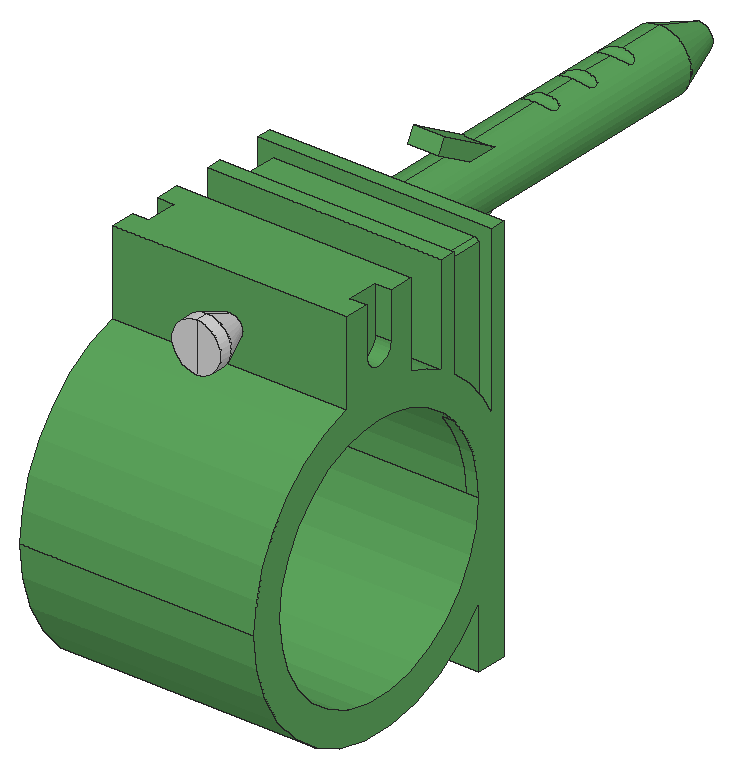
Revit family "Aquatherm_Пластмассовый_крепежный_хомут", category Соединительные детали трубопроводов, Revit 2019
Family settings
  Размер круглого соединителя = Использовать диаметр
  Тип детали = Соединение
  На основе рабочей плоскости = Нет
  Всегда вертикально = Да
  При загрузке вырезать с полостями = Нет
  Общий = Нет
Parameters
  Материал_Крепление = AquaTherm металл pipe
  Материал_Корпус = AquaTherm green pipe
  l [instance] = 27 mm
  h [instance] = D / 2 + 7 mm  # 15 mm
  d [instance] = D + 4 mm  # 20 mm
  URL = "www.agpipe.ru"
  L [instance] = 15 mm
  D [instance] = 16 mm
  ADSK_Примечание = ""
  ADSK_Позиция [instance] = ""
  ADSK_Обозначение = ""
  ADSK_Наименование [instance] = size_lookup("Пластмассовый крепежный хомут", "ADSK_Наименование", "Нет в каталоге", D)  # "Пластмассовый крепежный хомут DN16"
  ADSK_Масса_Текст = ""
  ADSK_Код изделия [instance] = size_lookup("Пластмассовый крепежный хомут", "ADSK_Код изделия", "Нет в каталоге", D)  # "60616"
  ADSK_Завод-изготовитель = "Aquatherm"  # constant formula
  ADSK_Единица измерения = "шт."  # constant formula
Reference planes
  plane 1 "По центру (Вперед/Назад)": y = 0
  plane 2: z = 0
  plane 3 "По центру (Влево/Вправо)": x = 0
  plane 4: x = -7.5
  plane 5: x = 7.5
  plane 6: y = -8
  plane 7: y = 8
  plane 8: y = -10
  plane 9: y = 10
  plane 10: z = 10
  plane 11: z = -10
  plane 12: z = 15
  plane 13: z = 11.826
  plane 14: y = 10
Forms (mm)
  Extrusion 1, solid, material "AquaTherm green pipe" <- "Материал_Корпус"
    sketch origin (0, 0, 0) x (0, 1, 0) y (0, 0, 1)
      loop
        circle (0, 0) r 10
      loop
        circle (0, 0) r 8
    from -7.5 to 7.5
  Extrusion 2, solid, material "AquaTherm green pipe" <- "Материал_Корпус"
    sketch origin (0, 0, 0) x (0, 1, 0) y (0, 0, 1)
      loop
        line (-2.571, 0) -> (2.571, 0) -> (2.571, 15) -> (-2.571, 15) -> (-2.571, 0)
      loop
        line (10, -10) -> (10, 15) -> (5, 15) -> (5, 0) -> (8, 0) -> (8, -10) -> (10, -10)
    from -7.5 to 7.5
  Extrusion 3, void
    sketch origin (0, 0, 0) x (0, 1, 0) y (0, 0, 1)
      loop
        circle (0, 0) r 8
    from -7.5 to 7.5
  Sweep 4, void
    path origin (4267.2, 8, 32.335) x (0, 0, 1) y (1, 0, 0)
      loop
        line (-32.335, -4274.7) -> (-18.045, -4274.7) -> (-17.335, -4273.99) -> (-17.335, -4260.41) -> (-18.045, -4259.7) -> (-32.335, -4259.7)
    profile origin (-7.5, 8, 7.145) x (1, 0, 0) y (0, 1, 0)
      loop
        line (-1.183, 1) -> (-1.183, -2) -> (0.8, -2) -> (0.8, 1) -> (-1.183, 1)
  Extrusion 5, void
    sketch origin (0, 0, 0) x (0, 1, 0) y (0, 0, 1)
      loop
        line (-1, 15) -> (-1, 12.074)
        arc (-1, 12.074) -> (0, 11.074) -> (1, 12.074) r 1
        line (1, 12.074) -> (1, 15) -> (-1, 15)
    from 6.458 to 7.5
  Extrusion 6, void
    sketch origin (0, 0, 0) x (0, 1, 0) y (0, 0, -1)
      loop
        line (-1, -15) -> (1, -15) -> (1, -12.074)
        arc (1, -12.074) -> (0, -11.074) -> (-1, -12.074) r 1
        line (-1, -12.074) -> (-1, -15)
    from 6.458 to 7.5
  Revolve 7, solid, material "AquaTherm металл pipe" <- "Материал_Крепление"
    sketch origin (0, 0, 0) x (0, 1, 0) y (0, 0, 1)
      loop
        line (-5.246, 11.826) -> (5, 11.826) -> (5, 12.624) -> (-2.571, 12.624) -> (-4.42, 13.389) -> (-5.246, 13.389) -> (-5.246, 11.826)
      axis (-5.246, 11.826) -> (5, 11.826)
    angle from 0 to 360
Cuts and joins
  Extrusion 3, Extrusion 5, Extrusion 6 cuts Extrusion 1
  Extrusion 3, Sweep 4, Extrusion 5, Extrusion 6 cuts Extrusion 2
  joined: Extrusion 1, Extrusion 2
Lines and regions (mm)
  reference lines
    curve 1: line (-0.798, 0, 0) -> (0.798, 0, 0)
Dimensions and locks
  equal spacing: plane 4, plane 3 "По центру (Влево/Вправо)", plane 5
  "L": plane 4 to plane 5
  equal spacing: plane 6, plane 1 "По центру (Вперед/Назад)", plane 7
  "D": plane 6 to plane 7
  equal spacing: Extrusion 2 sketch curve, plane 1 "По центру (Вперед/Назад)", Extrusion 2 sketch curve
  locked: Extrusion 2 sketch curve to Extrusion 2 sketch curve at 5.143
  equal spacing: plane 8, plane 1 "По центру (Вперед/Назад)", plane 9
  "d": plane 8 to plane 9
  equal spacing: plane 10, level, plane 11
  "d": plane 10 to plane 11
  locked: Extrusion 2 sketch curve to plane 9 at 5
  locked: Sweep 4 sketch curve to Sweep 4 sketch curve at 0.71  (x2)
  locked: Sweep 4 sketch curve to plane 4 at 0.71
  locked: plane 5 to Sweep 4 sketch curve at 0.71
  locked: profile plane to Sweep 4 sketch curve at 0.8
  locked: cut or joined group of Extrusion 1, Extrusion 2, Extrusion 3, Sweep 4, Extrusion 5, Extrusion 6 to Sweep 4 sketch curve at 1  (x2)
  locked: Sweep 4 sketch curve to profile plane at 1.183
  locked: cut or joined group of Extrusion 1, Extrusion 2, Extrusion 3, Sweep 4, Extrusion 5, Extrusion 6 to plane 5 at 1.042
  locked: plane 4 to cut or joined group of Extrusion 1, Extrusion 2, Extrusion 3, Sweep 4, Extrusion 5, Extrusion 6 at 1.042
  Extrusion 6 sketch curve to plane 1 "По центру (Вперед/Назад)" = 1 mm
  locked: Extrusion 6 sketch curve to Extrusion 6 sketch curve at 2
  "h": plane 12 to level
  locked: plane 12 to plane 13 at 3.174
  locked: plane 13 to Revolve 7 sketch curve at 0.798
  locked: Revolve 7 sketch curve to cut or joined group of Extrusion 1, Extrusion 2, Extrusion 3, Sweep 4, Extrusion 5, Extrusion 6 at 2.674
  locked: Revolve 7 sketch curve to Revolve 7 sketch curve at 0.826
  locked: plane 7 to plane 14 at 2
  locked: plane 12 to Extrusion 5 sketch curve at 2.926
  locked: plane 12 to Extrusion 6 sketch curve at 2.926
  locked: plane 12 to nested 1 at 3
  "D": diameter of Extrusion 1 sketch curve
  "d": diameter of Extrusion 1 sketch curve
  "D": diameter of Extrusion 3 sketch curve
  aligned and locked: level to plane 2
  aligned and locked: Extrusion 2 sketch curve to level  (x2)
  aligned and locked: plane 9 to Extrusion 2 sketch curve
  aligned and locked: plane 11 to Extrusion 2 sketch curve
  aligned and locked: Extrusion 2 sketch curve to Extrusion 2 sketch curve
  aligned and locked: plane 7 to Extrusion 2 sketch curve
  aligned and locked: Extrusion 2 to plane 4
  aligned and locked: Extrusion 1 to plane 4
  aligned and locked: plane 5 to Extrusion 2
  aligned and locked: plane 5 to Extrusion 1
  aligned and locked: Extrusion 3 to plane 4
  aligned and locked: plane 5 to Extrusion 3
  aligned and locked: plane 4 to Sweep 4 sketch curve
  aligned and locked: Sweep 4 sketch curve to plane 5
  aligned and locked: plane 5 to Extrusion 5
  aligned and locked: Extrusion 6 to plane 4
  aligned and locked: Extrusion 2 sketch curve to plane 12
  aligned and locked: plane 13 to Revolve 7 sketch curve
  aligned and locked: Extrusion 5 sketch curve to plane 12
  aligned and locked: Extrusion 6 sketch curve to plane 12
  aligned and locked: nested 1 to cut or joined group of Extrusion 1, Extrusion 2, Extrusion 3, Sweep 4, Extrusion 5, Extrusion 6
  aligned and locked: plane 1 "По центру (Вперед/Назад)" to curve 1
Automatic sketch dimensions
  Sweep 4 sketch curve to level = 0 mm  (x2)
  Sweep 4 sketch curve to plane 12 = 0 mm
  plane 13 to Revolve 7 sketch curve = 0 mm
  Revolve 7 sketch curve to Revolve 7 sketch curve = 1.848 mm
  Revolve 7 sketch curve to plane 7 = 3 mm
  Revolve 7 sketch curve to plane 13 = 1.563 mm
  Revolve 7 sketch curve to Revolve 7 sketch curve = 1.005 mm
  Revolve 7 sketch curve to plane 1 "По центру (Вперед/Назад)" = 3.242 mm
  Extrusion 5 sketch curve to plane 1 "По центру (Вперед/Назад)" = 0 mm
  plane 1 "По центру (Вперед/Назад)" to Extrusion 5 sketch curve = 1 mm
  Extrusion 6 sketch curve to plane 1 "По центру (Вперед/Назад)" = 0 mm
  curve 1 to plane 5 = 8.298 mm
  curve 1 to curve 1 = 1.597 mm
  Extrusion 1 sketch curve to Extrusion 1 sketch curve = 0 mm  (x2)
  Extrusion 1 sketch curve to level = 0 mm
  Extrusion 1 sketch curve to plane 1 "По центру (Вперед/Назад)" = 0 mm
  Extrusion 3 sketch curve to level = 0 mm
  Extrusion 3 sketch curve to plane 1 "По центру (Вперед/Назад)" = 0 mm
Nested families
  nested 1: "Семейство1" at (0, 10, 12), Материал_Корпус <- "Материал_Корпус", type "Семейство1"
    with Материал_Корпус AquaTherm green pipe
Connectors
  piping at (-0.798, 0, 0), diameter 16, driven by "D"
    settings: on curve 1, index 1, connector inside diameter 609.6 mm, connector length 0 mm, flow factor 0, pipe flow 0.0 L/s, pressure drop 0.0 Pa, fitting loss kfactor 0, connector angle 0.00°, fixture units 0, engagement length 0 mm, angle of deflection 0.00°, flow configuration 0, flow direction 0, fitting loss method 0, system type 28, joint type 0, gender type 0, connector reference index 2, connector utility 0, adjustable connector no, is connector primary yes, connector description ""
  piping at (0.798, 0, 0), diameter 16, driven by "D"
    settings: on curve 1, index 2, connector inside diameter 609.6 mm, connector length 0 mm, flow factor 0, pipe flow 0.0 L/s, pressure drop 0.0 Pa, fitting loss kfactor 0, connector angle 0.00°, fixture units 0, engagement length 0 mm, angle of deflection 0.00°, flow configuration 0, flow direction 0, fitting loss method 0, system type 28, joint type 0, gender type 0, connector reference index 1, connector utility 0, adjustable connector no, is connector primary no, connector description ""
Definition of nested family "Семейство1"
  Parameters
    Материал_Корпус [instance] = none
  Reference planes
    plane 1 "По центру (Вперед/Назад)": y = 0
    plane 2: z = 0
    plane 3 "По центру (Влево/Вправо)": x = 0
    plane 4: z = 0
  Forms (mm)
    Revolve 1, solid, material <- "Материал_Корпус"
      sketch origin (0, 0, 0) x (0, 1, 0) y (0, 0, 1)
        loop
          line (0, 0) -> (25, 0) -> (25, 0.87) -> (21.896, 2) -> (0, 2) -> (0, 0)
        axis (0, 0) -> (25, 0)
      angle from 0 to 360
    Extrusion 2, solid, material <- "Материал_Корпус"
      sketch origin (0, 0, 0) x (0, 1, 0) y (0, 0, 1)
        loop
          line (8.392, 0) -> (2.894, -3.174) -> (3.394, -4.04) -> (10.392, 0) -> (3.394, 4.04) -> (2.894, 3.174) -> (8.392, 0)
      from -1 to 1
    Extrusion 3, void
      sketch origin (0, 0, 0) x (0, 1, 0) y (0, 0, 1)
        loop
          line (18.908, 2) -> (17.908, 2)
          arc (17.908, 2) -> (18.408, 1.671) -> (18.908, 2) r 0.544
        loop
          line (15.874, 2) -> (14.874, 2)
          arc (14.874, 2) -> (15.374, 1.671) -> (15.874, 2) r 0.544
        loop
          line (12.84, 2) -> (11.84, 2)
          arc (11.84, 2) -> (12.34, 1.671) -> (12.84, 2) r 0.544
        loop
          arc (18.908, -2) -> (18.408, -1.671) -> (17.908, -2) r 0.544
          line (17.908, -2) -> (18.908, -2)
        loop
          arc (15.874, -2) -> (15.374, -1.671) -> (14.874, -2) r 0.544
          line (14.874, -2) -> (15.874, -2)
        loop
          arc (12.84, -2) -> (12.34, -1.671) -> (11.84, -2) r 0.544
          line (11.84, -2) -> (12.84, -2)
      from -6.455 to 6.626
  Cuts and joins
    Extrusion 3 cuts Revolve 1
    joined: Revolve 1, Extrusion 2
  Dimensions and locks
    aligned and locked: level to plane 2
    aligned and locked: Revolve 1 sketch curve to Revolve 1 sketch curve
